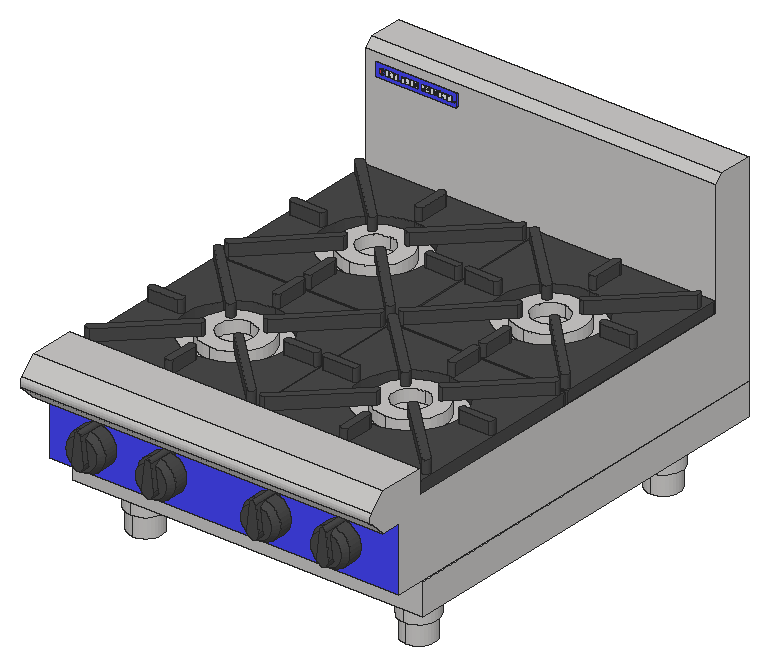
Revit family "QF_MOFFAT_BLUESEAL_CE_G514D-B", category Specialty Equipment, Revit 2012 (continued)
Definition of nested family "GAS BURNER 600"
  Lines and regions (mm)
    symbolic lines
      curve 17: line (584.847, -22.602, 0) -> (476.924, -130.525, 0)
      curve 18: spline (476.924, -130.525, 0) -> (476.163, -131.595, 0) -> (475.762, -132.899, 0) -> (475.749, -134.351, 0) -> (476.125, -135.85, 0) -> (476.863, -137.295, 0) -> (477.914, -138.586, 0) -> (479.205, -139.637, 0) -> (480.65, -140.375, 0) -> (482.149, -140.751, 0) -> (483.601, -140.738, 0) -> (484.905, -140.337, 0) -> (485.975, -139.576, 0)
      curve 19: line (485.975, -139.576, 0) -> (593.898, -31.653, 0)
      curve 20: spline (593.898, -31.653, 0) -> (594.819, -30.424, 0) -> (595.369, -28.97, 0) -> (595.51, -27.39, 0) -> (595.233, -25.792, 0) -> (594.557, -24.286, 0) -> (593.527, -22.973, 0) -> (592.214, -21.943, 0) -> (590.708, -21.267, 0) -> (589.11, -20.99, 0) -> (587.53, -21.131, 0) -> (586.076, -21.681, 0) -> (584.847, -22.602, 0)
      curve 21: line (591.102, -160.1, 0) -> (541.898, -160.1, 0)
      curve 22: spline (541.898, -160.1, 0) -> (540.604, -160.318, 0) -> (539.398, -160.957, 0) -> (538.362, -161.975, 0) -> (537.568, -163.3, 0) -> (537.068, -164.844, 0) -> (536.898, -166.5, 0) -> (537.068, -168.156, 0) -> (537.568, -169.7, 0) -> (538.362, -171.025, 0) -> (539.398, -172.043, 0) -> (540.604, -172.682, 0) -> (541.898, -172.9, 0)
      curve 23: line (541.898, -172.9, 0) -> (591.102, -172.9, 0)
      curve 24: spline (591.102, -172.9, 0) -> (592.396, -172.682, 0) -> (593.602, -172.043, 0) -> (594.638, -171.025, 0) -> (595.432, -169.7, 0) -> (595.932, -168.156, 0) -> (596.102, -166.5, 0) -> (595.932, -164.844, 0) -> (595.432, -163.3, 0) -> (594.638, -161.975, 0) -> (593.602, -160.957, 0) -> (592.396, -160.318, 0) -> (591.102, -160.1, 0)
      curve 25: line (593.898, -304.847, 0) -> (485.975, -193.424, 0)
      curve 26: spline (485.975, -193.424, 0) -> (484.905, -192.663, 0) -> (483.601, -192.262, 0) -> (482.149, -192.249, 0) -> (480.65, -192.625, 0) -> (479.205, -193.363, 0) -> (477.914, -194.414, 0) -> (476.863, -195.705, 0) -> (476.125, -197.15, 0) -> (475.749, -198.649, 0) -> (475.762, -200.101, 0) -> (476.163, -201.405, 0) -> (476.924, -202.475, 0)
      curve 27: line (476.924, -202.475, 0) -> (584.847, -313.898, 0)
      curve 28: spline (584.847, -313.898, 0) -> (585.916, -314.659, 0) -> (587.221, -315.059, 0) -> (588.672, -315.072, 0) -> (590.171, -314.697, 0) -> (591.616, -313.959, 0) -> (592.908, -312.908, 0) -> (593.959, -311.616, 0) -> (594.697, -310.171, 0) -> (595.072, -308.672, 0) -> (595.059, -307.221, 0) -> (594.659, -305.916, 0) -> (593.898, -304.847, 0)
      curve 29: arc (450, -223.5, 0) -> (468.725, -220.336, 0) -> (485.372, -211.197, 0) r 57
      curve 30: arc (450, -109.5, 0) -> (431.183, -112.696, 0) -> (414.475, -121.924, 0) r 57
      curve 31: arc (450.009, -84.418, 0) -> (478.534, -89.404, 0) -> (503.676, -103.773, 0) r 84.082
      curve 32: arc (450.009, -252.582, 0) -> (420.453, -247.216, 0) -> (394.669, -231.803, 0) r 84.082
      curve 33: arc (450, -136.5, 0) -> (480, -166.5, 0) -> (450, -196.5, 0) r 30
      curve 34: arc (450, -196.5, 0) -> (420, -166.5, 0) -> (450, -136.5, 0) r 30
      curve 35: arc (150, -223.5, 0) -> (168.725, -220.336, 0) -> (185.372, -211.197, 0) r 57
      curve 36: arc (150, -109.5, 0) -> (131.183, -112.696, 0) -> (114.475, -121.924, 0) r 57
      curve 37: arc (149.991, -84.418, 0) -> (178.523, -89.406, 0) -> (203.668, -103.781, 0) r 84.082
      curve 38: arc (149.991, -252.582, 0) -> (120.441, -247.219, 0) -> (94.661, -231.812, 0) r 84.082
      curve 39: line (156.4, -74.602, 0) -> (156.4, -25.398, 0)
      curve 40: spline (156.4, -25.398, 0) -> (156.182, -24.104, 0) -> (155.543, -22.898, 0) -> (154.525, -21.862, 0) -> (153.2, -21.068, 0) -> (151.656, -20.568, 0) -> (150, -20.398, 0) -> (148.344, -20.568, 0) -> (146.8, -21.068, 0) -> (145.475, -21.862, 0) -> (144.457, -22.898, 0) -> (143.818, -24.104, 0) -> (143.6, -25.398, 0)
      curve 41: line (143.6, -25.398, 0) -> (143.6, -74.602, 0)
      curve 42: spline (143.6, -74.602, 0) -> (143.818, -75.896, 0) -> (144.457, -77.102, 0) -> (145.475, -78.138, 0) -> (146.8, -78.932, 0) -> (148.344, -79.432, 0) -> (150, -79.602, 0) -> (151.656, -79.432, 0) -> (153.2, -78.932, 0) -> (154.525, -78.138, 0) -> (155.543, -77.102, 0) -> (156.182, -75.896, 0) -> (156.4, -74.602, 0)
      curve 43: line (358.102, -160.1, 0) -> (308.898, -160.1, 0)
      curve 44: spline (308.898, -160.1, 0) -> (307.604, -160.318, 0) -> (306.398, -160.957, 0) -> (305.362, -161.975, 0) -> (304.568, -163.3, 0) -> (304.068, -164.844, 0) -> (303.898, -166.5, 0) -> (304.068, -168.156, 0) -> (304.568, -169.7, 0) -> (305.362, -171.025, 0) -> (306.398, -172.043, 0) -> (307.604, -172.682, 0) -> (308.898, -172.9, 0)
      curve 45: line (308.898, -172.9, 0) -> (358.102, -172.9, 0)
      curve 46: spline (358.102, -172.9, 0) -> (359.396, -172.682, 0) -> (360.602, -172.043, 0) -> (361.638, -171.025, 0) -> (362.432, -169.7, 0) -> (362.932, -168.156, 0) -> (363.102, -166.5, 0) -> (362.932, -164.844, 0) -> (362.432, -163.3, 0) -> (361.638, -161.975, 0) -> (360.602, -160.957, 0) -> (359.396, -160.318, 0) -> (358.102, -160.1, 0)
      curve 47: line (414.025, -193.424, 0) -> (306.102, -304.847, 0)
      curve 48: spline (306.102, -304.847, 0) -> (305.341, -305.916, 0) -> (304.941, -307.221, 0) -> (304.928, -308.672, 0) -> (305.303, -310.171, 0) -> (306.041, -311.616, 0) -> (307.092, -312.908, 0) -> (308.384, -313.959, 0) -> (309.829, -314.697, 0) -> (311.328, -315.072, 0) -> (312.779, -315.059, 0) -> (314.084, -314.659, 0) -> (315.153, -313.898, 0)
      curve 49: line (315.153, -313.898, 0) -> (423.076, -202.475, 0)
      curve 50: spline (423.076, -202.475, 0) -> (423.837, -201.405, 0) -> (424.238, -200.101, 0) -> (424.251, -198.649, 0) -> (423.875, -197.15, 0) -> (423.137, -195.705, 0) -> (422.086, -194.414, 0) -> (420.795, -193.363, 0) -> (419.35, -192.625, 0) -> (417.851, -192.249, 0) -> (416.399, -192.262, 0) -> (415.095, -192.663, 0) -> (414.025, -193.424, 0)
      curve 51: line (456.4, -311.102, 0) -> (456.4, -261.898, 0)
      curve 52: spline (456.4, -261.898, 0) -> (456.182, -260.604, 0) -> (455.543, -259.398, 0) -> (454.525, -258.362, 0) -> (453.2, -257.568, 0) -> (451.656, -257.068, 0) -> (450, -256.898, 0) -> (448.344, -257.068, 0) -> (446.8, -257.568, 0) -> (445.475, -258.362, 0) -> (444.457, -259.398, 0) -> (443.818, -260.604, 0) -> (443.6, -261.898, 0)
      curve 53: line (443.6, -261.898, 0) -> (443.6, -311.102, 0)
      curve 54: spline (443.6, -311.102, 0) -> (443.818, -312.396, 0) -> (444.457, -313.602, 0) -> (445.475, -314.638, 0) -> (446.8, -315.432, 0) -> (448.344, -315.932, 0) -> (450, -316.102, 0) -> (451.656, -315.932, 0) -> (453.2, -315.432, 0) -> (454.525, -314.638, 0) -> (455.543, -313.602, 0) -> (456.182, -312.396, 0) -> (456.4, -311.102, 0)
      curve 55: line (596, 0, 0) -> (304, 0, 0)
      curve 56: arc (304, 0, 0) -> (301.879, -0.879, 0) -> (301, -3, 0) r 3
      curve 57: line (301, -3, 0) -> (301, -315.5, 0)
      curve 58: arc (301, -315.5, 0) -> (301.879, -317.621, 0) -> (304, -318.5, 0) r 3
      curve 59: line (304, -318.5, 0) -> (596, -318.5, 0)
      curve 60: arc (596, -318.5, 0) -> (598.121, -317.621, 0) -> (599, -315.5, 0) r 3
      curve 61: line (599, -315.5, 0) -> (599, -3, 0)
      curve 62: arc (599, -3, 0) -> (598.121, -0.879, 0) -> (596, 0, 0) r 3
      curve 63: line (296, 0, 0) -> (4, 0, 0)
      curve 64: arc (4, 0, 0) -> (1.879, -0.879, 0) -> (1, -3, 0) r 3
      curve 65: line (1, -3, 0) -> (1, -315.5, 0)
      curve 66: arc (1, -315.5, 0) -> (1.879, -317.621, 0) -> (4, -318.5, 0) r 3
      curve 67: line (4, -318.5, 0) -> (296, -318.5, 0)
      curve 68: arc (296, -318.5, 0) -> (298.121, -317.621, 0) -> (299, -315.5, 0) r 3
      curve 69: line (299, -315.5, 0) -> (299, -3, 0)
      curve 70: arc (299, -3, 0) -> (298.121, -0.879, 0) -> (296, 0, 0) r 3
      curve 71: line (296, -321.5, 0) -> (4, -321.5, 0)
      curve 72: arc (4, -321.5, 0) -> (1.879, -322.379, 0) -> (1, -324.5, 0) r 3
      curve 73: line (1, -324.5, 0) -> (1, -632, 0)
      curve 74: arc (1, -632, 0) -> (1.879, -634.121, 0) -> (4, -635, 0) r 3
      curve 75: line (4, -635, 0) -> (296, -635, 0)
      curve 76: arc (296, -635, 0) -> (298.121, -634.121, 0) -> (299, -632, 0) r 3
      curve 77: line (299, -632, 0) -> (299, -324.5, 0)
      curve 78: arc (299, -324.5, 0) -> (298.121, -322.379, 0) -> (296, -321.5, 0) r 3
      curve 79: line (596, -321.5, 0) -> (304, -321.5, 0)
      curve 80: arc (304, -321.5, 0) -> (301.879, -322.379, 0) -> (301, -324.5, 0) r 3
      curve 81: line (301, -324.5, 0) -> (301, -632, 0)
      curve 82: arc (301, -632, 0) -> (301.879, -634.121, 0) -> (304, -635, 0) r 3
      curve 83: line (304, -635, 0) -> (596, -635, 0)
      curve 84: arc (596, -635, 0) -> (598.121, -634.121, 0) -> (599, -632, 0) r 3
      curve 85: line (599, -632, 0) -> (599, -324.5, 0)
      curve 86: arc (599, -324.5, 0) -> (598.121, -322.379, 0) -> (596, -321.5, 0) r 3
      curve 87: line (293.898, -304.847, 0) -> (185.975, -193.424, 0)
      curve 88: spline (185.975, -193.424, 0) -> (184.905, -192.663, 0) -> (183.601, -192.262, 0) -> (182.149, -192.249, 0) -> (180.65, -192.625, 0) -> (179.205, -193.363, 0) -> (177.914, -194.414, 0) -> (176.863, -195.705, 0) -> (176.125, -197.15, 0) -> (175.749, -198.649, 0) -> (175.762, -200.101, 0) -> (176.163, -201.405, 0) -> (176.924, -202.475, 0)
      curve 89: line (176.924, -202.475, 0) -> (284.847, -313.898, 0)
      curve 90: spline (284.847, -313.898, 0) -> (285.916, -314.659, 0) -> (287.221, -315.059, 0) -> (288.672, -315.072, 0) -> (290.171, -314.697, 0) -> (291.616, -313.959, 0) -> (292.908, -312.908, 0) -> (293.959, -311.616, 0) -> (294.697, -310.171, 0) -> (295.072, -308.672, 0) -> (295.059, -307.221, 0) -> (294.659, -305.916, 0) -> (293.898, -304.847, 0)
      curve 91: line (15.153, -313.898, 0) -> (123.076, -202.475, 0)
      curve 92: spline (123.076, -202.475, 0) -> (123.837, -201.405, 0) -> (124.238, -200.101, 0) -> (124.251, -198.649, 0) -> (123.875, -197.15, 0) -> (123.137, -195.705, 0) -> (122.086, -194.414, 0) -> (120.795, -193.363, 0) -> (119.35, -192.625, 0) -> (117.851, -192.249, 0) -> (116.399, -192.262, 0) -> (115.095, -192.663, 0) -> (114.025, -193.424, 0)
      curve 93: line (114.025, -193.424, 0) -> (6.102, -304.847, 0)
      curve 94: spline (6.102, -304.847, 0) -> (5.341, -305.916, 0) -> (4.941, -307.221, 0) -> (4.928, -308.672, 0) -> (5.303, -310.171, 0) -> (6.041, -311.616, 0) -> (7.092, -312.908, 0) -> (8.384, -313.959, 0) -> (9.829, -314.697, 0) -> (11.328, -315.072, 0) -> (12.779, -315.059, 0) -> (14.084, -314.659, 0) -> (15.153, -313.898, 0)
      curve 95: line (8.898, -172.9, 0) -> (58.102, -172.9, 0)
      curve 96: spline (58.102, -172.9, 0) -> (59.396, -172.682, 0) -> (60.602, -172.043, 0) -> (61.638, -171.025, 0) -> (62.432, -169.7, 0) -> (62.932, -168.156, 0) -> (63.102, -166.5, 0) -> (62.932, -164.844, 0) -> (62.432, -163.3, 0) -> (61.638, -161.975, 0) -> (60.602, -160.957, 0) -> (59.396, -160.318, 0) -> (58.102, -160.1, 0)
      curve 97: line (58.102, -160.1, 0) -> (8.898, -160.1, 0)
      curve 98: spline (8.898, -160.1, 0) -> (7.604, -160.318, 0) -> (6.398, -160.957, 0) -> (5.362, -161.975, 0) -> (4.568, -163.3, 0) -> (4.068, -164.844, 0) -> (3.898, -166.5, 0) -> (4.068, -168.156, 0) -> (4.568, -169.7, 0) -> (5.362, -171.025, 0) -> (6.398, -172.043, 0) -> (7.604, -172.682, 0) -> (8.898, -172.9, 0)
      curve 99: line (6.102, -31.653, 0) -> (114.025, -139.576, 0)
      curve 100: spline (114.025, -139.576, 0) -> (115.095, -140.337, 0) -> (116.399, -140.738, 0) -> (117.851, -140.751, 0) -> (119.35, -140.375, 0) -> (120.795, -139.637, 0) -> (122.086, -138.586, 0) -> (123.137, -137.295, 0) -> (123.875, -135.85, 0) -> (124.251, -134.351, 0) -> (124.238, -132.899, 0) -> (123.837, -131.595, 0) -> (123.076, -130.525, 0)
      curve 101: line (123.076, -130.525, 0) -> (15.153, -22.602, 0)
      curve 102: spline (15.153, -22.602, 0) -> (13.924, -21.681, 0) -> (12.47, -21.131, 0) -> (10.89, -20.99, 0) -> (9.292, -21.267, 0) -> (7.786, -21.943, 0) -> (6.473, -22.973, 0) -> (5.443, -24.286, 0) -> (4.767, -25.792, 0) -> (4.49, -27.39, 0) -> (4.631, -28.97, 0) -> (5.181, -30.424, 0) -> (6.102, -31.653, 0)
      curve 103: arc (150, -136.5, 0) -> (180, -166.5, 0) -> (150, -196.5, 0) r 30
      curve 104: arc (150, -196.5, 0) -> (120, -166.5, 0) -> (150, -136.5, 0) r 30
      curve 105: line (156.4, -311.102, 0) -> (156.4, -261.898, 0)
      curve 106: spline (156.4, -261.898, 0) -> (156.182, -260.604, 0) -> (155.543, -259.398, 0) -> (154.525, -258.362, 0) -> (153.2, -257.568, 0) -> (151.656, -257.068, 0) -> (150, -256.898, 0) -> (148.344, -257.068, 0) -> (146.8, -257.568, 0) -> (145.475, -258.362, 0) -> (144.457, -259.398, 0) -> (143.818, -260.604, 0) -> (143.6, -261.898, 0)
      curve 107: line (143.6, -261.898, 0) -> (143.6, -311.102, 0)
      curve 108: spline (143.6, -311.102, 0) -> (143.818, -312.396, 0) -> (144.457, -313.602, 0) -> (145.475, -314.638, 0) -> (146.8, -315.432, 0) -> (148.344, -315.932, 0) -> (150, -316.102, 0) -> (151.656, -315.932, 0) -> (153.2, -315.432, 0) -> (154.525, -314.638, 0) -> (155.543, -313.602, 0) -> (156.182, -312.396, 0) -> (156.4, -311.102, 0)
      curve 109: line (156.4, -378.102, 0) -> (156.4, -328.898, 0)
      curve 110: spline (156.4, -328.898, 0) -> (156.182, -327.604, 0) -> (155.543, -326.398, 0) -> (154.525, -325.362, 0) -> (153.2, -324.568, 0) -> (151.656, -324.068, 0) -> (150, -323.898, 0) -> (148.344, -324.068, 0) -> (146.8, -324.568, 0) -> (145.475, -325.362, 0) -> (144.457, -326.398, 0) -> (143.818, -327.604, 0) -> (143.6, -328.898, 0)
      curve 111: line (143.6, -328.898, 0) -> (143.6, -378.102, 0)
      curve 112: spline (143.6, -378.102, 0) -> (143.818, -379.396, 0) -> (144.457, -380.602, 0) -> (145.475, -381.638, 0) -> (146.8, -382.432, 0) -> (148.344, -382.932, 0) -> (150, -383.102, 0) -> (151.656, -382.932, 0) -> (153.2, -382.432, 0) -> (154.525, -381.638, 0) -> (155.543, -380.602, 0) -> (156.182, -379.396, 0) -> (156.4, -378.102, 0)
      curve 113: line (284.847, -326.102, 0) -> (176.924, -434.025, 0)
      curve 114: spline (176.924, -434.025, 0) -> (176.163, -435.095, 0) -> (175.762, -436.399, 0) -> (175.749, -437.851, 0) -> (176.125, -439.35, 0) -> (176.863, -440.795, 0) -> (177.914, -442.086, 0) -> (179.205, -443.137, 0) -> (180.65, -443.875, 0) -> (182.149, -444.251, 0) -> (183.601, -444.238, 0) -> (184.905, -443.837, 0) -> (185.975, -443.076, 0)
      curve 115: line (185.975, -443.076, 0) -> (293.898, -335.153, 0)
      curve 116: spline (293.898, -335.153, 0) -> (294.659, -334.084, 0) -> (295.059, -332.779, 0) -> (295.072, -331.328, 0) -> (294.697, -329.829, 0) -> (293.959, -328.384, 0) -> (292.908, -327.092, 0) -> (291.616, -326.041, 0) -> (290.171, -325.303, 0) -> (288.672, -324.928, 0) -> (287.221, -324.941, 0) -> (285.916, -325.341, 0) -> (284.847, -326.102, 0)
      curve 117: line (123.076, -434.025, 0) -> (15.153, -326.102, 0)
      curve 118: spline (15.153, -326.102, 0) -> (13.924, -325.181, 0) -> (12.47, -324.631, 0) -> (10.89, -324.49, 0) -> (9.292, -324.767, 0) -> (7.786, -325.443, 0) -> (6.473, -326.473, 0) -> (5.443, -327.786, 0) -> (4.767, -329.292, 0) -> (4.49, -330.89, 0) -> (4.631, -332.47, 0) -> (5.181, -333.924, 0) -> (6.102, -335.153, 0)
      curve 119: line (6.102, -335.153, 0) -> (114.025, -443.076, 0)
      curve 120: spline (114.025, -443.076, 0) -> (115.095, -443.837, 0) -> (116.399, -444.238, 0) -> (117.851, -444.251, 0) -> (119.35, -443.875, 0) -> (120.795, -443.137, 0) -> (122.086, -442.086, 0) -> (123.137, -440.795, 0) -> (123.875, -439.35, 0) -> (124.251, -437.851, 0) -> (124.238, -436.399, 0) -> (123.837, -435.095, 0) -> (123.076, -434.025, 0)
      curve 121: line (58.102, -463.6, 0) -> (8.898, -463.6, 0)
      curve 122: spline (8.898, -463.6, 0) -> (7.604, -463.818, 0) -> (6.398, -464.457, 0) -> (5.362, -465.475, 0) -> (4.568, -466.8, 0) -> (4.068, -468.344, 0) -> (3.898, -470, 0) -> (4.068, -471.656, 0) -> (4.568, -473.2, 0) -> (5.362, -474.525, 0) -> (6.398, -475.543, 0) -> (7.604, -476.182, 0) -> (8.898, -476.4, 0)
      curve 123: line (8.898, -476.4, 0) -> (58.102, -476.4, 0)
      curve 124: spline (58.102, -476.4, 0) -> (59.396, -476.182, 0) -> (60.602, -475.543, 0) -> (61.638, -474.525, 0) -> (62.432, -473.2, 0) -> (62.932, -471.656, 0) -> (63.102, -470, 0) -> (62.932, -468.344, 0) -> (62.432, -466.8, 0) -> (61.638, -465.475, 0) -> (60.602, -464.457, 0) -> (59.396, -463.818, 0) -> (58.102, -463.6, 0)
      curve 125: line (114.025, -496.924, 0) -> (6.102, -603.347, 0)
      curve 126: spline (6.102, -603.347, 0) -> (5.341, -604.416, 0) -> (4.941, -605.721, 0) -> (4.928, -607.172, 0) -> (5.303, -608.671, 0) -> (6.041, -610.116, 0) -> (7.092, -611.408, 0) -> (8.384, -612.459, 0) -> (9.829, -613.197, 0) -> (11.328, -613.572, 0) -> (12.779, -613.559, 0) -> (14.084, -613.159, 0) -> (15.153, -612.398, 0)
      curve 127: line (15.153, -612.398, 0) -> (123.076, -505.975, 0)
      curve 128: spline (123.076, -505.975, 0) -> (123.837, -504.905, 0) -> (124.238, -503.601, 0) -> (124.251, -502.149, 0) -> (123.875, -500.65, 0) -> (123.137, -499.205, 0) -> (122.086, -497.914, 0) -> (120.795, -496.863, 0) -> (119.35, -496.125, 0) -> (117.851, -495.749, 0) -> (116.399, -495.762, 0) -> (115.095, -496.163, 0) -> (114.025, -496.924, 0)
      curve 129: line (156.4, -609.602, 0) -> (156.4, -561.898, 0)
      curve 130: spline (156.4, -561.898, 0) -> (156.182, -560.604, 0) -> (155.543, -559.398, 0) -> (154.525, -558.362, 0) -> (153.2, -557.568, 0) -> (151.656, -557.068, 0) -> (150, -556.898, 0) -> (148.344, -557.068, 0) -> (146.8, -557.568, 0) -> (145.475, -558.362, 0) -> (144.457, -559.398, 0) -> (143.818, -560.604, 0) -> (143.6, -561.898, 0)
      curve 131: line (143.6, -561.898, 0) -> (143.6, -609.602, 0)
      curve 132: spline (143.6, -609.602, 0) -> (143.818, -610.896, 0) -> (144.457, -612.102, 0) -> (145.475, -613.138, 0) -> (146.8, -613.932, 0) -> (148.344, -614.432, 0) -> (150, -614.602, 0) -> (151.656, -614.432, 0) -> (153.2, -613.932, 0) -> (154.525, -613.138, 0) -> (155.543, -612.102, 0) -> (156.182, -610.896, 0) -> (156.4, -609.602, 0)
      curve 133: line (176.924, -505.975, 0) -> (284.847, -612.398, 0)
      curve 134: spline (284.847, -612.398, 0) -> (285.916, -613.159, 0) -> (287.221, -613.559, 0) -> (288.672, -613.572, 0) -> (290.171, -613.197, 0) -> (291.616, -612.459, 0) -> (292.908, -611.408, 0) -> (293.959, -610.116, 0) -> (294.697, -608.671, 0) -> (295.072, -607.172, 0) -> (295.059, -605.721, 0) -> (294.659, -604.416, 0) -> (293.898, -603.347, 0)
      curve 135: line (293.898, -603.347, 0) -> (185.975, -496.924, 0)
      curve 136: spline (185.975, -496.924, 0) -> (184.905, -496.163, 0) -> (183.601, -495.762, 0) -> (182.149, -495.749, 0) -> (180.65, -496.125, 0) -> (179.205, -496.863, 0) -> (177.914, -497.914, 0) -> (176.863, -499.205, 0) -> (176.125, -500.65, 0) -> (175.749, -502.149, 0) -> (175.762, -503.601, 0) -> (176.163, -504.905, 0) -> (176.924, -505.975, 0)
      curve 137: arc (149.991, -384.418, 0) -> (179.687, -389.836, 0) -> (205.556, -405.393, 0) r 84.082
      curve 138: arc (149.991, -552.582, 0) -> (121.173, -547.489, 0) -> (95.845, -532.827, 0) r 84.082
      curve 139: arc (150, -523.5, 0) -> (167.666, -520.693, 0) -> (183.592, -512.55, 0) r 57
      curve 140: arc (150, -409.5, 0) -> (130.014, -413.119, 0) -> (112.566, -423.515, 0) r 57
      curve 141: arc (150, -436.5, 0) -> (180, -466.5, 0) -> (150, -496.5, 0) r 30
      curve 142: arc (150, -496.5, 0) -> (120, -466.5, 0) -> (150, -436.5, 0) r 30
      curve 143: line (291.102, -463.6, 0) -> (241.898, -463.6, 0)
      curve 144: spline (241.898, -463.6, 0) -> (240.604, -463.818, 0) -> (239.398, -464.457, 0) -> (238.362, -465.475, 0) -> (237.568, -466.8, 0) -> (237.068, -468.344, 0) -> (236.898, -470, 0) -> (237.068, -471.656, 0) -> (237.568, -473.2, 0) -> (238.362, -474.525, 0) -> (239.398, -475.543, 0) -> (240.604, -476.182, 0) -> (241.898, -476.4, 0)
      curve 145: line (241.898, -476.4, 0) -> (291.102, -476.4, 0)
      curve 146: spline (291.102, -476.4, 0) -> (292.396, -476.182, 0) -> (293.602, -475.543, 0) -> (294.638, -474.525, 0) -> (295.432, -473.2, 0) -> (295.932, -471.656, 0) -> (296.102, -470, 0) -> (295.932, -468.344, 0) -> (295.432, -466.8, 0) -> (294.638, -465.475, 0) -> (293.602, -464.457, 0) -> (292.396, -463.818, 0) -> (291.102, -463.6, 0)
      curve 147: line (423.076, -434.025, 0) -> (315.153, -326.102, 0)
      curve 148: spline (315.153, -326.102, 0) -> (314.084, -325.341, 0) -> (312.779, -324.941, 0) -> (311.328, -324.928, 0) -> (309.829, -325.303, 0) -> (308.384, -326.041, 0) -> (307.092, -327.092, 0) -> (306.041, -328.384, 0) -> (305.303, -329.829, 0) -> (304.928, -331.328, 0) -> (304.941, -332.779, 0) -> (305.341, -334.084, 0) -> (306.102, -335.153, 0)
      curve 149: line (306.102, -335.153, 0) -> (414.025, -443.076, 0)
      curve 150: spline (414.025, -443.076, 0) -> (415.095, -443.837, 0) -> (416.399, -444.238, 0) -> (417.851, -444.251, 0) -> (419.35, -443.875, 0) -> (420.795, -443.137, 0) -> (422.086, -442.086, 0) -> (423.137, -440.795, 0) -> (423.875, -439.35, 0) -> (424.251, -437.851, 0) -> (424.238, -436.399, 0) -> (423.837, -435.095, 0) -> (423.076, -434.025, 0)
      curve 151: line (443.6, -328.898, 0) -> (443.6, -378.102, 0)
      curve 152: spline (443.6, -378.102, 0) -> (443.818, -379.396, 0) -> (444.457, -380.602, 0) -> (445.475, -381.638, 0) -> (446.8, -382.432, 0) -> (448.344, -382.932, 0) -> (450, -383.102, 0) -> (451.656, -382.932, 0) -> (453.2, -382.432, 0) -> (454.525, -381.638, 0) -> (455.543, -380.602, 0) -> (456.182, -379.396, 0) -> (456.4, -378.102, 0)
      curve 153: line (456.4, -378.102, 0) -> (456.4, -328.898, 0)
      curve 154: spline (456.4, -328.898, 0) -> (456.182, -327.604, 0) -> (455.543, -326.398, 0) -> (454.525, -325.362, 0) -> (453.2, -324.568, 0) -> (451.656, -324.068, 0) -> (450, -323.898, 0) -> (448.344, -324.068, 0) -> (446.8, -324.568, 0) -> (445.475, -325.362, 0) -> (444.457, -326.398, 0) -> (443.818, -327.604, 0) -> (443.6, -328.898, 0)
      curve 155: line (584.847, -326.102, 0) -> (476.924, -434.025, 0)
      curve 156: spline (476.924, -434.025, 0) -> (476.163, -435.095, 0) -> (475.762, -436.399, 0) -> (475.749, -437.851, 0) -> (476.125, -439.35, 0) -> (476.863, -440.795, 0) -> (477.914, -442.086, 0) -> (479.205, -443.137, 0) -> (480.65, -443.875, 0) -> (482.149, -444.251, 0) -> (483.601, -444.238, 0) -> (484.905, -443.837, 0) -> (485.975, -443.076, 0)
      curve 157: line (485.975, -443.076, 0) -> (593.898, -335.153, 0)
      curve 158: spline (593.898, -335.153, 0) -> (594.819, -333.924, 0) -> (595.369, -332.47, 0) -> (595.51, -330.89, 0) -> (595.233, -329.292, 0) -> (594.557, -327.786, 0) -> (593.527, -326.473, 0) -> (592.214, -325.443, 0) -> (590.708, -324.767, 0) -> (589.11, -324.49, 0) -> (587.53, -324.631, 0) -> (586.076, -325.181, 0) -> (584.847, -326.102, 0)
      curve 159: line (591.102, -463.6, 0) -> (541.898, -463.6, 0)
      curve 160: spline (541.898, -463.6, 0) -> (540.604, -463.818, 0) -> (539.398, -464.457, 0) -> (538.362, -465.475, 0) -> (537.568, -466.8, 0) -> (537.068, -468.344, 0) -> (536.898, -470, 0) -> (537.068, -471.656, 0) -> (537.568, -473.2, 0) -> (538.362, -474.525, 0) -> (539.398, -475.543, 0) -> (540.604, -476.182, 0) -> (541.898, -476.4, 0)
      curve 161: line (541.898, -476.4, 0) -> (591.102, -476.4, 0)
      curve 162: spline (591.102, -476.4, 0) -> (592.396, -476.182, 0) -> (593.602, -475.543, 0) -> (594.638, -474.525, 0) -> (595.432, -473.2, 0) -> (595.932, -471.656, 0) -> (596.102, -470, 0) -> (595.932, -468.344, 0) -> (595.432, -466.8, 0) -> (594.638, -465.475, 0) -> (593.602, -464.457, 0) -> (592.396, -463.818, 0) -> (591.102, -463.6, 0)
      curve 163: line (593.898, -603.347, 0) -> (485.975, -496.924, 0)
      curve 164: spline (485.975, -496.924, 0) -> (484.905, -496.163, 0) -> (483.601, -495.762, 0) -> (482.149, -495.749, 0) -> (480.65, -496.125, 0) -> (479.205, -496.863, 0) -> (477.914, -497.914, 0) -> (476.863, -499.205, 0) -> (476.125, -500.65, 0) -> (475.749, -502.149, 0) -> (475.762, -503.601, 0) -> (476.163, -504.905, 0) -> (476.924, -505.975, 0)
      curve 165: line (476.924, -505.975, 0) -> (584.847, -612.398, 0)
      curve 166: spline (584.847, -612.398, 0) -> (585.916, -613.159, 0) -> (587.221, -613.559, 0) -> (588.672, -613.572, 0) -> (590.171, -613.197, 0) -> (591.616, -612.459, 0) -> (592.908, -611.408, 0) -> (593.959, -610.116, 0) -> (594.697, -608.671, 0) -> (595.072, -607.172, 0) -> (595.059, -605.721, 0) -> (594.659, -604.416, 0) -> (593.898, -603.347, 0)
      curve 167: line (315.153, -612.398, 0) -> (423.076, -505.975, 0)
      curve 168: spline (423.076, -505.975, 0) -> (423.837, -504.905, 0) -> (424.238, -503.601, 0) -> (424.251, -502.149, 0) -> (423.875, -500.65, 0) -> (423.137, -499.205, 0) -> (422.086, -497.914, 0) -> (420.795, -496.863, 0) -> (419.35, -496.125, 0) -> (417.851, -495.749, 0) -> (416.399, -495.762, 0) -> (415.095, -496.163, 0) -> (414.025, -496.924, 0)
      curve 169: line (414.025, -496.924, 0) -> (306.102, -603.347, 0)
      curve 170: spline (306.102, -603.347, 0) -> (305.341, -604.416, 0) -> (304.941, -605.721, 0) -> (304.928, -607.172, 0) -> (305.303, -608.671, 0) -> (306.041, -610.116, 0) -> (307.092, -611.408, 0) -> (308.384, -612.459, 0) -> (309.829, -613.197, 0) -> (311.328, -613.572, 0) -> (312.779, -613.559, 0) -> (314.084, -613.159, 0) -> (315.153, -612.398, 0)
      curve 171: line (308.898, -476.4, 0) -> (358.102, -476.4, 0)
      curve 172: spline (358.102, -476.4, 0) -> (359.396, -476.182, 0) -> (360.602, -475.543, 0) -> (361.638, -474.525, 0) -> (362.432, -473.2, 0) -> (362.932, -471.656, 0) -> (363.102, -470, 0) -> (362.932, -468.344, 0) -> (362.432, -466.8, 0) -> (361.638, -465.475, 0) -> (360.602, -464.457, 0) -> (359.396, -463.818, 0) -> (358.102, -463.6, 0)
      curve 173: line (358.102, -463.6, 0) -> (308.898, -463.6, 0)
      curve 174: spline (308.898, -463.6, 0) -> (307.604, -463.818, 0) -> (306.398, -464.457, 0) -> (305.362, -465.475, 0) -> (304.568, -466.8, 0) -> (304.068, -468.344, 0) -> (303.898, -470, 0) -> (304.068, -471.656, 0) -> (304.568, -473.2, 0) -> (305.362, -474.525, 0) -> (306.398, -475.543, 0) -> (307.604, -476.182, 0) -> (308.898, -476.4, 0)
      curve 175: line (456.4, -609.602, 0) -> (456.4, -561.898, 0)
      curve 176: spline (456.4, -561.898, 0) -> (456.182, -560.604, 0) -> (455.543, -559.398, 0) -> (454.525, -558.362, 0) -> (453.2, -557.568, 0) -> (451.656, -557.068, 0) -> (450, -556.898, 0) -> (448.344, -557.068, 0) -> (446.8, -557.568, 0) -> (445.475, -558.362, 0) -> (444.457, -559.398, 0) -> (443.818, -560.604, 0) -> (443.6, -561.898, 0)
      curve 177: line (443.6, -561.898, 0) -> (443.6, -609.602, 0)
      curve 178: spline (443.6, -609.602, 0) -> (443.818, -610.896, 0) -> (444.457, -612.102, 0) -> (445.475, -613.138, 0) -> (446.8, -613.932, 0) -> (448.344, -614.432, 0) -> (450, -614.602, 0) -> (451.656, -614.432, 0) -> (453.2, -613.932, 0) -> (454.525, -613.138, 0) -> (455.543, -612.102, 0) -> (456.182, -610.896, 0) -> (456.4, -609.602, 0)
      curve 179: arc (450.009, -384.418, 0) -> (479.699, -389.834, 0) -> (505.564, -405.385, 0) r 84.082
      curve 180: arc (450.009, -552.582, 0) -> (417.885, -546.204, 0) -> (390.635, -528.036, 0) r 84.082
      curve 181: arc (450, -523.5, 0) -> (467.666, -520.693, 0) -> (483.592, -512.55, 0) r 57
      curve 182: arc (450, -409.5, 0) -> (430.014, -413.119, 0) -> (412.566, -423.515, 0) r 57
      curve 183: arc (450, -436.5, 0) -> (480, -466.5, 0) -> (450, -496.5, 0) r 30
      curve 184: arc (450, -496.5, 0) -> (420, -466.5, 0) -> (450, -436.5, 0) r 30
      curve 185: arc (96.324, -103.773, 0) -> (121.466, -89.404, 0) -> (149.991, -84.418, 0) r 84.082
      curve 186: arc (212.871, -112.68, 0) -> (234.066, -167.408, 0) -> (214.3, -222.668, 0) r 84.082
      curve 187: arc (194.454, -202.178, 0) -> (207, -166.598, 0) -> (194.576, -130.975, 0) r 57
      curve 188: arc (114.628, -211.197, 0) -> (131.275, -220.336, 0) -> (150, -223.5, 0) r 57
      curve 189: arc (405.424, -130.975, 0) -> (393, -166.598, 0) -> (405.546, -202.178, 0) r 57
      curve 190: arc (485.525, -121.924, 0) -> (468.817, -112.696, 0) -> (450, -109.5, 0) r 57
      curve 191: arc (494.454, -202.178, 0) -> (507, -166.598, 0) -> (494.576, -130.975, 0) r 57
      curve 192: arc (414.628, -211.197, 0) -> (431.275, -220.336, 0) -> (450, -223.5, 0) r 57
      curve 193: arc (105.424, -130.975, 0) -> (93, -166.598, 0) -> (105.546, -202.178, 0) r 57
      curve 194: arc (514.501, -414.55, 0) -> (534.086, -469.429, 0) -> (513.293, -523.862, 0) r 84.082
      curve 195: arc (504.155, -532.827, 0) -> (478.827, -547.489, 0) -> (450.009, -552.582, 0) r 84.082
      curve 196: arc (493.031, -503.881, 0) -> (506.947, -468.956, 0) -> (496.089, -432.962, 0) r 57
      curve 197: arc (416.408, -512.55, 0) -> (432.334, -520.693, 0) -> (450, -523.5, 0) r 57
      curve 198: arc (403.911, -432.962, 0) -> (393.053, -468.956, 0) -> (406.969, -503.881, 0) r 57
      curve 199: arc (487.434, -423.515, 0) -> (469.986, -413.119, 0) -> (450, -409.5, 0) r 57
      curve 200: arc (187.434, -423.515, 0) -> (169.986, -413.119, 0) -> (150, -409.5, 0) r 57
      curve 201: arc (103.911, -432.962, 0) -> (93.053, -468.956, 0) -> (106.969, -503.881, 0) r 57
      curve 202: arc (109.732, -506.842, 0) -> (110.614, -507.704, 0) -> (111.516, -508.547, 0) r 57
      curve 203: arc (193.031, -503.881, 0) -> (206.947, -468.956, 0) -> (196.089, -432.962, 0) r 57
      curve 204: arc (214.491, -414.56, 0) -> (234.068, -469.429, 0) -> (213.283, -523.853, 0) r 84.082
      curve 205: arc (94.436, -405.385, 0) -> (120.301, -389.834, 0) -> (149.991, -384.418, 0) r 84.082
      curve 206: arc (86.707, -523.862, 0) -> (65.914, -469.429, 0) -> (85.499, -414.55, 0) r 84.082
      curve 207: arc (116.408, -512.55, 0) -> (132.334, -520.693, 0) -> (150, -523.5, 0) r 57
      curve 208: arc (204.147, -532.819, 0) -> (178.816, -547.487, 0) -> (149.991, -552.582, 0) r 84.082
      curve 209: arc (394.444, -405.393, 0) -> (420.313, -389.836, 0) -> (450.009, -384.418, 0) r 84.082
      curve 210: arc (390.635, -528.036, 0) -> (366.012, -472.294, 0) -> (385.509, -414.56, 0) r 84.082
      curve 211: arc (185.525, -121.924, 0) -> (168.817, -112.696, 0) -> (150, -109.5, 0) r 57
      curve 212: arc (396.332, -103.781, 0) -> (421.477, -89.406, 0) -> (450.009, -84.418, 0) r 84.082
      curve 213: arc (512.881, -112.67, 0) -> (534.084, -167.408, 0) -> (514.31, -222.678, 0) r 84.082
      curve 214: arc (505.339, -231.812, 0) -> (479.559, -247.219, 0) -> (450.009, -252.582, 0) r 84.082
      curve 215: arc (385.7, -222.668, 0) -> (365.934, -167.408, 0) -> (387.129, -112.68, 0) r 84.082
      curve 216: arc (205.331, -231.803, 0) -> (179.547, -247.216, 0) -> (149.991, -252.582, 0) r 84.082
      curve 217: arc (85.69, -222.678, 0) -> (65.916, -167.408, 0) -> (87.119, -112.67, 0) r 84.082
  Dimensions and locks
    equal spacing: plane 3 "LEFT", plane 7 "Center Y", plane 4 "RIGHT"
    "Width": plane 3 "LEFT" to plane 4 "RIGHT"
    equal spacing: plane 5 "FRONT", plane 8 "Center X", plane 1 "BACK"
    "Depth": plane 5 "FRONT" to plane 1 "BACK"
    aligned and locked: level to plane 2
  Automatic sketch dimensions
    plane 3 "LEFT" to Extrusion 1 sketch curve = 4 mm  (x2)
    plane 1 "BACK" to Extrusion 1 sketch curve = 0 mm
    plane 3 "LEFT" to Extrusion 1 sketch curve = 1 mm  (x2)
    Extrusion 1 sketch curve to Extrusion 1 sketch curve = 3 mm  (x5)
    plane 8 "Center X" to Extrusion 1 sketch curve = 149 mm
    Extrusion 1 sketch curve to plane 7 "Center Y" = 1 mm  (x2)
    plane 8 "Center X" to Extrusion 1 sketch curve = 2 mm  (x2)
    Extrusion 1 sketch curve to plane 5 "FRONT" = 166.5 mm
    Extrusion 1 sketch curve to plane 5 "FRONT" = 3 mm  (x2)
    plane 3 "LEFT" to Extrusion 1 sketch curve = 149.991 mm  (x2)
    Extrusion 2 sketch curve to Extrusion 1 = 22.602 mm  (x2)
    Extrusion 2 sketch curve to Extrusion 1 = 25.398 mm  (x2)
    Extrusion 2 sketch curve to Extrusion 2 sketch curve = 4.525 mm  (x16)
    Extrusion 2 sketch curve to Extrusion 2 sketch curve = 49.204 mm  (x5)
    Extrusion 2 sketch curve to Extrusion 2 sketch curve = 55.923 mm  (x5)
    Extrusion 2 sketch curve to Extrusion 2 sketch curve = 0 mm  (x5)
    Extrusion 2 sketch curve to Extrusion 2 sketch curve = 20.524 mm  (x8)
    Extrusion 2 sketch curve to Extrusion 2 sketch curve = 6.4 mm  (x8)
    Extrusion 2 sketch curve to Extrusion 2 sketch curve = 53.847 mm  (x8)
    Extrusion 2 sketch curve to Extrusion 1 = 56.602 mm
    Extrusion 2 sketch curve to Extrusion 1 = 5.102 mm  (x6)
    Extrusion 2 sketch curve to Extrusion 1 = 13.653 mm  (x2)
    Extrusion 2 sketch curve to Extrusion 1 = 7.398 mm  (x2)
    Extrusion 2 sketch curve to Extrusion 1 = 4.602 mm  (x2)
    Extrusion 2 sketch curve to Extrusion 1 = 7.898 mm  (x4)
    Extrusion 2 sketch curve to Extrusion 1 = 31.653 mm  (x2)
    Extrusion 2 sketch curve to Extrusion 1 = 57.102 mm
    Extrusion 2 sketch curve to Extrusion 1 = 14.153 mm
    Extrusion 3 sketch curve to Extrusion 3 sketch curve = 0 mm  (x24)
    plane 8 "Center X" to Extrusion 3 sketch curve = 208 mm
    Extrusion 3 sketch curve to Extrusion 3 sketch curve = 27 mm  (x2)
    Extrusion 3 sketch curve to Extrusion 3 sketch curve = 30 mm  (x2)
    Extrusion 3 sketch curve to plane 5 "FRONT" = 225.5 mm
    plane 3 "LEFT" to Extrusion 3 sketch curve = 150 mm  (x2)
    plane 4 "RIGHT" to Extrusion 4 sketch curve = 4 mm  (x2)
    plane 1 "BACK" to Extrusion 4 sketch curve = 0 mm
    plane 4 "RIGHT" to Extrusion 4 sketch curve = 1 mm  (x2)
    Extrusion 4 sketch curve to Extrusion 4 sketch curve = 3 mm  (x5)
    plane 8 "Center X" to Extrusion 4 sketch curve = 149 mm
    plane 7 "Center Y" to Extrusion 4 sketch curve = 1 mm  (x2)
    plane 8 "Center X" to Extrusion 4 sketch curve = 2 mm  (x2)
    Extrusion 4 sketch curve to plane 5 "FRONT" = 166.5 mm
    Extrusion 4 sketch curve to plane 5 "FRONT" = 3 mm  (x2)
    plane 4 "RIGHT" to Extrusion 4 sketch curve = 149.991 mm  (x2)
    Extrusion 5 sketch curve to Extrusion 4 = 22.602 mm  (x2)
    Extrusion 5 sketch curve to Extrusion 4 = 25.398 mm  (x2)
    Extrusion 5 sketch curve to Extrusion 5 sketch curve = 4.525 mm  (x16)
    Extrusion 5 sketch curve to Extrusion 5 sketch curve = 49.204 mm  (x4)
    Extrusion 5 sketch curve to Extrusion 5 sketch curve = 55.923 mm  (x5)
    Extrusion 5 sketch curve to Extrusion 5 sketch curve = 0 mm  (x6)
    Extrusion 5 sketch curve to Extrusion 5 sketch curve = 20.524 mm  (x7)
    Extrusion 5 sketch curve to Extrusion 5 sketch curve = 6.4 mm  (x8)
    Extrusion 5 sketch curve to Extrusion 5 sketch curve = 53.847 mm  (x8)
    Extrusion 5 sketch curve to Extrusion 4 = 56.602 mm
    Extrusion 5 sketch curve to Extrusion 4 = 5.102 mm  (x6)
    Extrusion 5 sketch curve to Extrusion 4 = 13.653 mm  (x2)
    Extrusion 5 sketch curve to Extrusion 4 = 7.398 mm  (x2)
    Extrusion 5 sketch curve to Extrusion 4 = 4.602 mm  (x2)
    Extrusion 5 sketch curve to Extrusion 4 = 7.898 mm  (x4)
    Extrusion 5 sketch curve to Extrusion 4 = 31.653 mm  (x2)
    Extrusion 5 sketch curve to Extrusion 4 = 57.102 mm  (x2)
    Extrusion 5 sketch curve to Extrusion 4 = 14.153 mm
    Extrusion 6 sketch curve to Extrusion 6 sketch curve = 0 mm  (x24)
    plane 8 "Center X" to Extrusion 6 sketch curve = 208 mm
    Extrusion 6 sketch curve to Extrusion 6 sketch curve = 27 mm  (x2)
    Extrusion 6 sketch curve to Extrusion 6 sketch curve = 30 mm  (x2)
    Extrusion 6 sketch curve to plane 5 "FRONT" = 225.5 mm
    plane 4 "RIGHT" to Extrusion 6 sketch curve = 150 mm  (x2)
    curve 1 to plane 7 "Center Y" = 123.076 mm
    curve 2 to curve 2 = 4.525 mm
    curve 1 to plane 7 "Center Y" = 15.153 mm
    curve 1 to curve 4 = 4.525 mm
    plane 1 "BACK" to curve 3 = 139.576 mm
    plane 1 "BACK" to curve 4 = 31.653 mm
    curve 7 to plane 7 "Center Y" = 58.102 mm
    curve 8 to plane 7 "Center Y" = 8.898 mm
    curve 8 to curve 2 = 20.524 mm
    curve 6 to curve 5 = 6.4 mm
    plane 7 "Center Y" to curve 9 = 6.102 mm
    curve 9 to curve 12 = 4.525 mm
    plane 7 "Center Y" to curve 10 = 114.025 mm
    curve 10 to curve 10 = 4.525 mm
    curve 5 to curve 10 = 20.524 mm
    curve 3 to curve 9 = 0 mm
    plane 1 "BACK" to curve 13 = 25.398 mm
    curve 10 to curve 13 = 20.524 mm
    curve 13 to curve 16 = 6.4 mm
    curve 14 to curve 15 = 49.204 mm
    curve 11 to curve 17 = 53.847 mm
    curve 18 to curve 18 = 4.525 mm
    plane 4 "RIGHT" to curve 17 = 15.153 mm
    curve 20 to curve 20 = 4.525 mm
    curve 18 to curve 11 = 9.051 mm
    plane 1 "BACK" to curve 20 = 31.653 mm
    plane 4 "RIGHT" to curve 22 = 58.102 mm
    plane 4 "RIGHT" to curve 21 = 8.898 mm
    curve 23 to curve 18 = 33.324 mm
    curve 22 to curve 22 = 6.4 mm
    curve 26 to curve 18 = 9.051 mm
    curve 27 to curve 26 = 4.525 mm
    plane 8 "Center X" to curve 27 = 3.602 mm
    plane 4 "RIGHT" to curve 27 = 15.153 mm
    curve 27 to curve 28 = 4.525 mm
    curve 27 to curve 18 = 62.898 mm
    curve 30 to curve 26 = 31.449 mm
    curve 192 to curve 27 = 21.025 mm
    curve 26 to curve 29 = 31.449 mm
    curve 14 to curve 31 = 0.009 mm
    curve 32 to curve 29 = 29.082 mm
    curve 31 to curve 29 = 2 mm
    curve 29 to curve 33 = 0 mm  (x2)
    curve 29 to curve 34 = 27 mm
    curve 211 to curve 2 = 31.449 mm
    curve 35 to curve 3 = 83.924 mm
    curve 35 to curve 2 = 31.449 mm
    curve 37 to curve 211 = 0.009 mm
    curve 216 to curve 35 = 29.082 mm
    curve 38 to curve 36 = 2 mm
    curve 42 to curve 185 = 6.391 mm
    curve 41 to curve 40 = 6.4 mm
    curve 185 to curve 41 = 9.816 mm
    plane 1 "BACK" to curve 41 = 25.398 mm
    plane 7 "Center Y" to curve 44 = 8.898 mm
    curve 44 to curve 45 = 49.204 mm
    curve 7 to curve 44 = 0 mm
    curve 45 to curve 44 = 6.4 mm
    plane 7 "Center Y" to curve 48 = 6.102 mm
    curve 48 to curve 48 = 4.525 mm
    curve 50 to curve 33 = 35.975 mm
    curve 47 to curve 50 = 4.525 mm
    plane 8 "Center X" to curve 48 = 3.602 mm
    curve 50 to curve 33 = 5.975 mm
    plane 8 "Center X" to curve 53 = 6.398 mm
    curve 53 to curve 32 = 6.409 mm
    curve 53 to curve 54 = 6.4 mm
    curve 52 to curve 32 = 9.316 mm
    plane 1 "BACK" to curve 56 = 0 mm
    plane 7 "Center Y" to curve 57 = 1 mm
    curve 57 to curve 56 = 3 mm
    curve 59 to plane 8 "Center X" = 1 mm
    plane 7 "Center Y" to curve 59 = 4 mm
    plane 4 "RIGHT" to curve 55 = 4 mm
    plane 4 "RIGHT" to curve 59 = 4 mm
    plane 4 "RIGHT" to curve 60 = 1 mm
    plane 1 "BACK" to curve 64 = 0 mm
    curve 66 to plane 8 "Center X" = 1 mm
    plane 3 "LEFT" to curve 66 = 4 mm
    plane 3 "LEFT" to curve 63 = 4 mm
    plane 3 "LEFT" to curve 64 = 1 mm
    curve 70 to plane 7 "Center Y" = 4 mm
    curve 68 to plane 7 "Center Y" = 4 mm
    curve 70 to plane 7 "Center Y" = 1 mm
    plane 5 "FRONT" to curve 74 = 0 mm
    plane 3 "LEFT" to curve 72 = 1 mm
    plane 3 "LEFT" to curve 74 = 4 mm
    curve 71 to curve 66 = 0 mm
    curve 75 to plane 7 "Center Y" = 4 mm
    curve 78 to plane 7 "Center Y" = 4 mm
    curve 77 to plane 7 "Center Y" = 1 mm
    curve 78 to curve 67 = 6 mm
    plane 5 "FRONT" to curve 82 = 0 mm
    plane 7 "Center Y" to curve 80 = 1 mm
    plane 7 "Center Y" to curve 82 = 4 mm
    curve 79 to curve 59 = 0 mm  (x2)
    plane 4 "RIGHT" to curve 83 = 4 mm
    plane 4 "RIGHT" to curve 84 = 1 mm
    curve 78 to curve 80 = 0 mm
    curve 35 to curve 88 = 26.924 mm
    curve 89 to curve 88 = 4.525 mm
    plane 8 "Center X" to curve 90 = 3.602 mm
    curve 90 to curve 68 = 11.153 mm
    curve 89 to curve 90 = 4.525 mm
    curve 35 to curve 89 = 21.025 mm
    plane 3 "LEFT" to curve 94 = 6.102 mm
    curve 94 to curve 94 = 4.525 mm
    curve 92 to curve 38 = 35.966 mm
    curve 92 to curve 92 = 4.525 mm
    plane 8 "Center X" to curve 91 = 3.602 mm
    curve 188 to curve 92 = 21.025 mm
    plane 3 "LEFT" to curve 98 = 8.898 mm
    curve 97 to curve 97 = 49.204 mm
    curve 93 to curve 98 = 20.524 mm
    curve 95 to curve 98 = 6.4 mm
    plane 3 "LEFT" to curve 102 = 6.102 mm
    curve 99 to curve 102 = 4.525 mm
    curve 100 to curve 36 = 35.975 mm
    curve 99 to curve 100 = 4.525 mm
    curve 36 to curve 100 = 26.924 mm
    curve 102 to curve 64 = 28.653 mm
    curve 35 to curve 103 = 0 mm  (x2)
    curve 35 to curve 104 = 27 mm
    curve 107 to curve 38 = 6.391 mm
    curve 107 to curve 108 = 6.4 mm
    plane 8 "Center X" to curve 108 = 6.398 mm
    curve 106 to curve 216 = 9.316 mm
    curve 112 to curve 107 = 0 mm
    curve 111 to curve 110 = 6.4 mm
    curve 111 to plane 8 "Center X" = 60.602 mm
    curve 110 to plane 8 "Center X" = 11.398 mm
    curve 109 to curve 114 = 20.524 mm
    curve 114 to curve 114 = 4.525 mm
    curve 116 to curve 78 = 11.153 mm
    curve 116 to curve 116 = 4.525 mm
    curve 115 to curve 109 = 64.974 mm
    curve 116 to curve 78 = 10.653 mm
    plane 3 "LEFT" to curve 118 = 6.102 mm
    curve 118 to curve 118 = 4.525 mm
    curve 120 to curve 113 = 62.898 mm
    curve 119 to curve 120 = 4.525 mm
    curve 120 to curve 113 = 9.051 mm
    curve 119 to curve 72 = 10.653 mm
    plane 3 "LEFT" to curve 121 = 8.898 mm
    curve 121 to curve 124 = 49.204 mm
    curve 123 to curve 120 = 33.324 mm
    curve 123 to curve 124 = 6.4 mm
    plane 3 "LEFT" to curve 126 = 6.102 mm
    curve 125 to curve 126 = 4.525 mm
    curve 125 to curve 119 = 0 mm
    curve 125 to curve 128 = 4.525 mm
    curve 74 to curve 127 = 19.602 mm
    curve 127 to curve 119 = 62.898 mm
    curve 127 to curve 130 = 20.524 mm
    curve 131 to curve 132 = 6.4 mm
    curve 132 to plane 5 "FRONT" = 25.398 mm
    curve 132 to curve 131 = 47.704 mm
    curve 127 to curve 136 = 53.847 mm
    curve 133 to curve 136 = 4.525 mm
    curve 134 to plane 7 "Center Y" = 15.153 mm
    curve 133 to curve 134 = 4.525 mm
    curve 76 to curve 134 = 19.602 mm
    curve 127 to curve 136 = 0 mm
    curve 208 to curve 130 = 0.009 mm
    curve 130 to curve 208 = 9.316 mm
    curve 137 to curve 120 = 29.949 mm
    curve 137 to curve 200 = 0.009 mm
    curve 208 to curve 139 = 29.082 mm
    curve 137 to curve 203 = 2 mm
    curve 203 to curve 141 = 0 mm  (x2)
    curve 139 to curve 142 = 27 mm
    curve 144 to plane 7 "Center Y" = 58.102 mm
    curve 143 to plane 7 "Center Y" = 8.898 mm
    curve 135 to curve 144 = 20.524 mm
    curve 144 to curve 144 = 6.4 mm
    plane 7 "Center Y" to curve 149 = 6.102 mm
    curve 148 to curve 148 = 4.525 mm
    plane 7 "Center Y" to curve 150 = 114.025 mm
    curve 149 to curve 150 = 4.525 mm
    curve 143 to curve 150 = 20.524 mm
    curve 149 to curve 80 = 10.653 mm
    curve 151 to curve 53 = 0 mm
    curve 151 to curve 154 = 6.4 mm
    curve 152 to plane 8 "Center X" = 60.602 mm
    curve 151 to plane 8 "Center X" = 11.398 mm
    curve 150 to curve 156 = 53.847 mm
    curve 156 to curve 156 = 4.525 mm
    curve 155 to curve 86 = 11.153 mm
    curve 155 to curve 158 = 4.525 mm
    curve 157 to curve 150 = 9.051 mm
    curve 158 to curve 86 = 10.653 mm
    plane 4 "RIGHT" to curve 160 = 58.102 mm
    plane 4 "RIGHT" to curve 159 = 8.898 mm
    curve 161 to curve 156 = 33.324 mm
    curve 160 to curve 160 = 6.4 mm
    curve 164 to curve 156 = 9.051 mm
    curve 164 to curve 164 = 4.525 mm
    plane 4 "RIGHT" to curve 165 = 15.153 mm
    curve 165 to curve 166 = 4.525 mm
    curve 84 to curve 165 = 19.602 mm
    curve 164 to curve 156 = 62.898 mm
    plane 7 "Center Y" to curve 170 = 6.102 mm
    curve 170 to curve 170 = 4.525 mm
    curve 168 to curve 150 = 0 mm
    curve 168 to curve 168 = 4.525 mm  (x2)
    curve 82 to curve 170 = 19.602 mm
    curve 167 to curve 164 = 0 mm
    plane 7 "Center Y" to curve 171 = 8.898 mm
    curve 174 to curve 172 = 49.204 mm
    curve 169 to curve 172 = 20.524 mm
    curve 171 to curve 172 = 6.4 mm
    curve 167 to curve 176 = 20.524 mm
    curve 178 to curve 178 = 6.4 mm
    curve 177 to plane 5 "FRONT" = 25.398 mm
    curve 175 to curve 175 = 47.704 mm
    curve 180 to curve 156 = 31.44 mm
    curve 176 to curve 180 = 9.316 mm
    curve 180 to curve 156 = 29.949 mm
    curve 182 to curve 179 = 0.009 mm
    curve 195 to curve 181 = 29.082 mm
    curve 179 to curve 181 = 2 mm
    curve 181 to curve 183 = 0 mm  (x2)
    curve 181 to curve 184 = 27 mm
    curve 37 to curve 38 = 0 mm  (x2)
    curve 185 to curve 100 = 22.227 mm
    curve 37 to curve 185 = 0 mm
    curve 2 to curve 37 = 22.219 mm
    curve 35 to curve 36 = 0 mm  (x2)
    curve 88 to curve 35 = 3.923 mm
    curve 35 to curve 211 = 0 mm
    curve 193 to curve 92 = 13.004 mm
    curve 29 to curve 30 = 0 mm  (x2)
    curve 189 to curve 10 = 13.126 mm
    curve 29 to curve 189 = 0 mm  (x2)
    curve 18 to curve 190 = 4.076 mm
    curve 29 to curve 190 = 0 mm
    curve 29 to curve 191 = 0 mm  (x2)
    curve 26 to curve 29 = 3.923 mm
    curve 189 to curve 50 = 13.004 mm
    curve 35 to curve 188 = 0 mm
    curve 35 to curve 193 = 0 mm  (x2)
    curve 193 to curve 100 = 13.126 mm
    curve 179 to curve 180 = 0 mm  (x2)
    curve 156 to curve 194 = 33.052 mm
    curve 179 to curve 194 = 0 mm  (x2)
    curve 179 to curve 195 = 0 mm
    curve 181 to curve 198 = 0 mm  (x2)
    curve 164 to curve 181 = 2.142 mm
    curve 181 to curve 196 = 0 mm  (x2)
    curve 198 to curve 168 = 11.581 mm
    curve 181 to curve 182 = 0 mm  (x2)
    curve 182 to curve 150 = 5.985 mm
    curve 181 to curve 197 = 0 mm
    curve 156 to curve 196 = 14.64 mm
    curve 203 to curve 140 = 0 mm  (x2)
    curve 114 to curve 200 = 5.985 mm
    curve 203 to curve 200 = 0 mm
    curve 201 to curve 120 = 14.64 mm
    curve 203 to curve 201 = 0 mm  (x2)
    curve 201 to curve 128 = 11.581 mm
    curve 139 to curve 140 = 0 mm  (x2)
    curve 136 to curve 139 = 2.142 mm
    curve 137 to curve 138 = 0 mm  (x2)
    curve 203 to curve 137 = 9.467 mm
    curve 137 to curve 204 = 0 mm  (x2)
    curve 137 to curve 204 = 8.936 mm
    curve 137 to curve 205 = 0 mm
    curve 205 to curve 140 = 18.13 mm
    curve 206 to curve 205 = 8.937 mm
    curve 206 to curve 205 = 9.165 mm
    curve 137 to curve 206 = 0 mm  (x2)
    curve 138 to curve 201 = 11.124 mm
    curve 139 to curve 202 = 0 mm  (x2)
    curve 202 to curve 202 = 1.784 mm
    curve 137 to curve 208 = 0 mm
    curve 203 to curve 204 = 20.253 mm
    curve 208 to curve 204 = 9.136 mm
    curve 208 to curve 204 = 8.967 mm
    curve 139 to curve 207 = 0 mm
    curve 139 to curve 203 = 9.439 mm
    curve 202 to curve 207 = 4.893 mm
    curve 207 to curve 202 = 4.003 mm
    curve 206 to curve 138 = 9.138 mm
    curve 138 to curve 206 = 8.965 mm
    curve 201 to curve 202 = 2.762 mm
    curve 202 to curve 201 = 2.96 mm
    curve 206 to curve 201 = 18.412 mm
    curve 203 to curve 136 = 6.958 mm
    curve 200 to curve 203 = 8.655 mm
    curve 201 to curve 140 = 9.447 mm
    curve 179 to curve 209 = 0 mm
    curve 210 to curve 182 = 27.057 mm
    curve 179 to curve 210 = 0 mm  (x2)
    curve 180 to curve 197 = 25.774 mm
    curve 181 to curve 199 = 0 mm
    curve 180 to curve 198 = 16.335 mm
    curve 198 to curve 182 = 8.655 mm
    curve 198 to curve 169 = 6.958 mm
    curve 199 to curve 196 = 8.655 mm
    curve 196 to curve 199 = 9.447 mm
    curve 181 to curve 196 = 9.439 mm
    curve 181 to curve 196 = 8.668 mm
    curve 210 to curve 209 = 8.936 mm
    curve 195 to curve 194 = 9.138 mm
    curve 179 to curve 194 = 8.937 mm
    curve 194 to curve 179 = 9.165 mm
    curve 195 to curve 194 = 8.965 mm
    curve 35 to curve 187 = 0 mm  (x2)
    curve 2 to curve 187 = 13.126 mm
    curve 31 to curve 32 = 0 mm  (x2)
    curve 212 to curve 189 = 9.093 mm
    curve 31 to curve 212 = 0 mm
    curve 190 to curve 31 = 18.152 mm
    curve 31 to curve 213 = 0 mm  (x2)
    curve 29 to curve 214 = 19.967 mm
    curve 31 to curve 214 = 0 mm
    curve 31 to curve 215 = 0 mm  (x2)
    curve 32 to curve 192 = 19.959 mm
    curve 31 to curve 213 = 9.204 mm
    curve 29 to curve 192 = 0 mm
    curve 190 to curve 191 = 9.051 mm
    curve 214 to curve 213 = 8.97 mm
    curve 214 to curve 213 = 9.134 mm
    curve 29 to curve 191 = 9.081 mm
    curve 29 to curve 191 = 9.019 mm
    curve 32 to curve 189 = 10.878 mm
    curve 192 to curve 189 = 9.019 mm
    curve 215 to curve 32 = 8.969 mm
    curve 32 to curve 215 = 9.135 mm
    curve 215 to curve 212 = 9.203 mm
    curve 215 to curve 212 = 8.899 mm
    curve 189 to curve 30 = 9.051 mm  (x2)
    curve 37 to curve 186 = 0 mm  (x2)
    curve 187 to curve 186 = 19.847 mm
    curve 37 to curve 216 = 0 mm
    curve 216 to curve 186 = 8.969 mm
    curve 35 to curve 187 = 9.081 mm
    curve 193 to curve 188 = 9.081 mm
    curve 188 to curve 193 = 9.019 mm
    curve 37 to curve 217 = 0 mm  (x2)
    curve 38 to curve 193 = 10.886 mm
    curve 217 to curve 38 = 8.97 mm
    curve 38 to curve 217 = 9.134 mm
    curve 217 to curve 185 = 9.204 mm
    curve 216 to curve 186 = 9.135 mm
    curve 37 to curve 186 = 9.203 mm
    curve 186 to curve 37 = 8.899 mm
    curve 211 to curve 187 = 9.051 mm
    curve 187 to curve 87 = 8.754 mm
    curve 193 to curve 36 = 9.051 mm
    curve 2 to curve 211 = 8.601 mm
    radius of Extrusion 1 sketch curve = 84.082 mm  (x2)
    radius of Extrusion 4 sketch curve = 84.082 mm  (x2)
